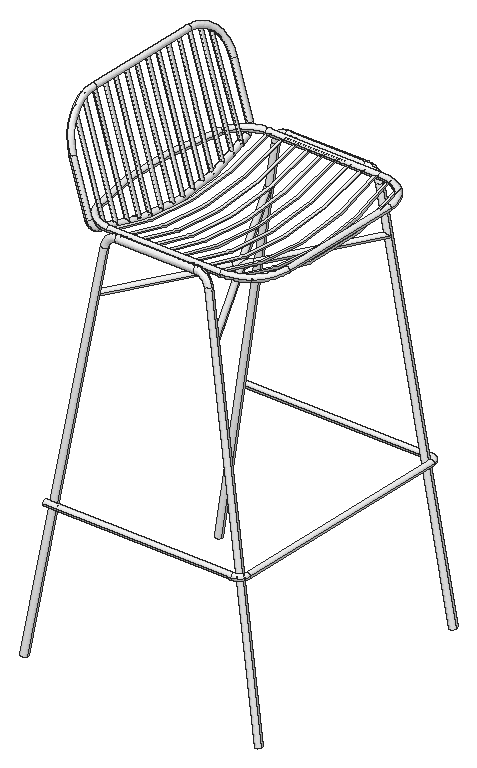
Revit family "Furniture_Chair_SHADE 4.1", category Furniture, Revit 2019
Family settings
  OmniClass Number = 23.21.23.15.17
  Work Plane-Based = Yes
  Always vertical = No
  Cut with Voids When Loaded = No
  Shared = No
  Room Calculation Point = No
Parameters (values of type "SHADE 4.1")
  Youtube clip = ""
  Uniformat II Description = "Movable Furnishings"
  Uniformat II Code = ""
  Uniclass 2015 Name = ""
  Uniclass 2015 Code = ""
  Uniclass 2.0 Description = ""
  Uniclass 2.0 Code = ""
  Uniclass 1.4 Description = ""
  Uniclass 1.4 Code = ""
  UNSPSC Code = ""
  Technical description = ""
  Frame Material = Steel, Paint Finish, White
  Region South America = "All"
  Region Oceania = "All"
  Region North America = "All"
  Region Middle East = "All"
  Region Europe = "All"
  Region Asia = "All"
  Region Antarctica = "All"
  Region Africa = "All"
  QR code = "https://www.sandlerseating.com/product/shade-4-1/"
  Product url = "https://www.sandlerseating.com/product/shade-4-1/"
  Product name = "SHADE 4.1"
  Product group = "Chair"
  Product family = "Furniture"
  Product data url = "https://www.sandlerseating.com/product/shade-4-1/"
  Product certification = ""
  Product SKU = "??"
  Product Guid = "??"
  OmniClass Description = ""
  OmniClass Code = "23-21 23 15 17"
  NBS Reference Description = ""
  NBS Reference Code = ""
  Model = "SHADE 4.1"
  Masterformat 2014 Description = "Chair Mats"
  Masterformat 2014 Code = "12 48 43.13"
  Manufacturer name = "Sandler"
  Manufacturer country = "USA"
  Manufacturer = "Sandler"
  Installation instructions = ""
  IFC Classification = "Furnishing Element"
  GTIN code = ""
  Edition number = 1
  Design country = "Brasil"
  Description = "Chair"
  Default Elevation = 0.000 mm
  Date of publishing = ""
  COBIe Type Category = ""
  Brand url = "https://www.sandlerseating.com/"
  BIMobject main category code = "furniture"
  BIMobject main category = "Furniture"
  BIMobject category code = "furniture-chair"
  BIMobject category = "Chair"
Reference planes
  plane 1 "Center Front/Back": y = 0
  plane 2: z = 0
  plane 3 "Center Left/Right": x = 0
Forms (mm)
  Sweep 1, solid, material "Steel, Paint Finish, White" <- "Frame Material"
    path origin (105.866, 0, 36.745) x (0, 1, 0) y (-0.292372, 0, 0.956305)
      loop
        arc (-196.096, 774.256) -> (-192.556, 762.894) -> (-183.189, 755.555) r 20
        arc (-183.189, 755.555) -> (-0.284, 721.984) -> (182.657, 755.359) r 516.55
        arc (182.657, 755.359) -> (192.039, 762.697) -> (195.585, 774.067) r 20
        line (195.585, 774.067) -> (195.585, 881.041)
        arc (195.585, 881.041) -> (172.153, 937.609) -> (115.585, 961.041) r 80
        line (115.585, 961.041) -> (-116.096, 961.041)
        arc (-116.096, 961.041) -> (-172.665, 937.609) -> (-196.096, 881.041) r 80
        line (-196.096, 881.041) -> (-196.096, 774.256)
    profile origin (-136.115, -196.096, 828.229) x (0, -1, 0) y (0.956305, 0, 0.292372)
      loop
        circle (0, 0) r 5.5
  Blend 2, solid, material "Steel, Paint Finish, White" <- "Frame Material"
    base sketch origin (0, 0, 840) x (0, -1, 0) y (1, 0, 0)
      loop
        circle (167.967, -170.976) r 3
    top sketch origin (0, 0, 840) x (0, -1, 0) y (1, 0, 0)
      loop
        circle (168.127, -111.839) r 3
    from 100.703 to -88.655
  Blend 3, solid, material "Steel, Paint Finish, White" <- "Frame Material"
    base sketch origin (-3.75, 25.625, 840) x (0, -1, 0) y (1, 0, 0)
      loop
        circle (167.967, -170.976) r 3
    top sketch origin (-3.75, 25.625, 840) x (0, -1, 0) y (1, 0, 0)
      loop
        circle (168.127, -105.589) r 3
    from 115.678 to -95.476
  Blend 4, solid, material "Steel, Paint Finish, White" <- "Frame Material"
    base sketch origin (-3.75, 51.679, 840) x (0, -1, 0) y (1, 0, 0)
      loop
        circle (167.967, -170.976) r 3
    top sketch origin (-3.75, 51.679, 840) x (0, -1, 0) y (1, 0, 0)
      loop
        circle (168.127, -103.714) r 3
    from 115.678 to -101.21
  Blend 5, solid, material "Steel, Paint Finish, White" <- "Frame Material"
    base sketch origin (-3.75, 77.929, 840) x (0, -1, 0) y (1, 0, 0)
      loop
        circle (167.967, -170.976) r 3
    top sketch origin (-3.75, 77.929, 840) x (0, -1, 0) y (1, 0, 0)
      loop
        circle (168.127, -102.464) r 3
    from 115.678 to -106.321
  Blend 6, solid, material "Steel, Paint Finish, White" <- "Frame Material"
    base sketch origin (-3.75, 103.637, 840) x (0, -1, 0) y (1, 0, 0)
      loop
        circle (167.967, -170.976) r 3
    top sketch origin (-3.75, 103.637, 840) x (0, -1, 0) y (1, 0, 0)
      loop
        circle (168.127, -101.839) r 3
    from 115.678 to -109.322
  Blend 7, solid, material "Steel, Paint Finish, White" <- "Frame Material"
    base sketch origin (-3.75, 129.262, 840) x (0, -1, 0) y (1, 0, 0)
      loop
        circle (167.967, -170.976) r 3
    top sketch origin (-3.75, 129.262, 840) x (0, -1, 0) y (1, 0, 0)
      loop
        circle (168.127, -100.589) r 3
    from 115.678 to -109.322
  Blend 8, solid, material "Steel, Paint Finish, White" <- "Frame Material"
    base sketch origin (-3.75, 155.651, 840) x (0, -1, 0) y (1, 0, 0)
      loop
        circle (167.967, -170.976) r 3
    top sketch origin (-3.75, 155.651, 840) x (0, -1, 0) y (1, 0, 0)
      loop
        circle (168.127, -99.964) r 3
    from 115.678 to -109.322
  Blend 9, solid, material "Steel, Paint Finish, White" <- "Frame Material"
    base sketch origin (-3.75, 180.689, 840) x (0, -1, 0) y (1, 0, 0)
      loop
        circle (167.967, -170.976) r 3
    top sketch origin (-3.75, 180.689, 840) x (0, -1, 0) y (1, 0, 0)
      loop
        circle (168.127, -99.964) r 3
    from 115.678 to -109.322
  Blend 10, solid, material "Steel, Paint Finish, White" <- "Frame Material"
    base sketch origin (-3.75, 206.558, 840) x (0, -1, 0) y (1, 0, 0)
      loop
        circle (167.967, -170.976) r 3
    top sketch origin (-3.75, 206.558, 840) x (0, -1, 0) y (1, 0, 0)
      loop
        circle (168.127, -100.589) r 3
    from 115.678 to -109.322
  Blend 11, solid, material "Steel, Paint Finish, White" <- "Frame Material"
    base sketch origin (-3.75, 231.939, 840) x (0, -1, 0) y (1, 0, 0)
      loop
        circle (167.967, -170.976) r 3
    top sketch origin (-3.75, 231.939, 840) x (0, -1, 0) y (1, 0, 0)
      loop
        circle (168.127, -101.839) r 3
    from 115.678 to -109.322
  Blend 12, solid, material "Steel, Paint Finish, White" <- "Frame Material"
    base sketch origin (-3.75, 258.497, 840) x (0, -1, 0) y (1, 0, 0)
      loop
        circle (167.967, -170.976) r 3
    top sketch origin (-3.75, 258.497, 840) x (0, -1, 0) y (1, 0, 0)
      loop
        circle (168.127, -105.589) r 3
    from 115.678 to -105.596
  Blend 13, solid, material "Steel, Paint Finish, White" <- "Frame Material"
    base sketch origin (-3.75, 284.439, 840) x (0, -1, 0) y (1, 0, 0)
      loop
        circle (167.967, -170.976) r 3
    top sketch origin (-3.75, 284.439, 840) x (0, -1, 0) y (1, 0, 0)
      loop
        circle (168.127, -104.339) r 3
    from 115.678 to -101.424
  Blend 14, solid, material "Steel, Paint Finish, White" <- "Frame Material"
    base sketch origin (-3.75, 310.064, 840) x (0, -1, 0) y (1, 0, 0)
      loop
        circle (167.967, -170.976) r 3
    top sketch origin (-3.75, 310.064, 840) x (0, -1, 0) y (1, 0, 0)
      loop
        circle (168.127, -105.589) r 3
    from 110.37 to -96.265
  Blend 15, solid, material "Steel, Paint Finish, White" <- "Frame Material"
    base sketch origin (-3.75, 336.173, 840) x (0, -1, 0) y (1, 0, 0)
      loop
        circle (167.967, -170.976) r 3
    top sketch origin (-3.75, 336.173, 840) x (0, -1, 0) y (1, 0, 0)
      loop
        circle (168.127, -108.089) r 3
    from 97.417 to -89.63
  Sweep 16, solid, material "Steel, Paint Finish, White" <- "Frame Material"
    path origin (0, 0, 772.5) x (0, -1, 0) y (1, 0, 0)
      loop
        line (193.756, -82.126) -> (193.756, 138.9)
        arc (193.756, 138.9) -> (173.254, 188.398) -> (123.756, 208.9) r 70
        line (123.756, 208.9) -> (-123.828, 208.9)
        arc (-123.828, 208.9) -> (-173.325, 188.398) -> (-193.828, 138.9) r 70
        line (-193.828, 138.9) -> (-193.828, -82.107)
        arc (-193.828, -82.107) -> (-181.435, -118.625) -> (-149.376, -140.058) r 60
        arc (-149.376, -140.058) -> (-0.041, -159.748) -> (149.296, -140.079) r 576.437
        arc (149.296, -140.079) -> (181.361, -118.648) -> (193.756, -82.126) r 60
    profile origin (28.387, -193.756, 772.5) x (0, 1, 0) y (0, 0, 1)
      loop
        circle (0, 0) r 5.5
  Sweep 17, solid, material "Steel, Paint Finish, White" <- "Frame Material"
    path origin (67.143, 0, 2.877) x (0, 1, 0) y (-0.087156, 0, 0.996195)
      loop
        arc (-194.104, 771.731) -> (0.078, 740.465) -> (194.261, 771.731) r 618.642
    profile origin (2.607, 0.078, 740.525) x (-0.087156, 0, 0.996195) y (0.996195, 0, 0.087156)
      loop
        circle (0, 0) r 2.5
  Sweep 18, solid, material "Steel, Paint Finish, White" <- "Frame Material"
    path origin (93.042, 0, 2.877) x (0, 1, 0) y (-0.087156, 0, 0.996195)
      loop
        arc (-194.104, 771.731) -> (0.078, 740.465) -> (194.261, 771.731) r 618.642
    profile origin (28.506, 0.078, 740.525) x (-0.087156, 0, 0.996195) y (0.996195, 0, 0.087156)
      loop
        circle (0, 0) r 2.5
  Sweep 19, solid, material "Steel, Paint Finish, White" <- "Frame Material"
    path origin (118.667, 0, 2.877) x (0, 1, 0) y (-0.087156, 0, 0.996195)
      loop
        arc (-194.104, 771.731) -> (0.078, 740.465) -> (194.261, 771.731) r 618.642
    profile origin (54.131, 0.078, 740.525) x (-0.087156, 0, 0.996195) y (0.996195, 0, 0.087156)
      loop
        circle (0, 0) r 2.5
  Sweep 20, solid, material "Steel, Paint Finish, White" <- "Frame Material"
    path origin (144.893, 0, 2.877) x (0, 1, 0) y (-0.087156, 0, 0.996195)
      loop
        arc (-194.104, 771.731) -> (0.078, 740.465) -> (194.261, 771.731) r 618.642
    profile origin (80.358, 0.078, 740.525) x (-0.087156, 0, 0.996195) y (0.996195, 0, 0.087156)
      loop
        circle (0, 0) r 2.5
  Sweep 21, solid, material "Steel, Paint Finish, White" <- "Frame Material"
    path origin (170.65, 0, 2.877) x (0, 1, 0) y (-0.087156, 0, 0.996195)
      loop
        arc (-194.104, 771.731) -> (0.078, 740.465) -> (194.261, 771.731) r 618.642
    profile origin (106.114, 0.078, 740.525) x (-0.087156, 0, 0.996195) y (0.996195, 0, 0.087156)
      loop
        circle (0, 0) r 2.5
  Sweep 22, solid, material "Steel, Paint Finish, White" <- "Frame Material"
    path origin (380.583, 0, 42.057) x (0, 1, 0) y (-0.325568, 0, 0.945519)
      loop
        arc (-194.104, 771.731) -> (0.078, 740.465) -> (194.261, 771.731) r 618.642
    profile origin (139.511, 0.078, 742.181) x (-0.325568, 0, 0.945519) y (0.945519, 0, 0.325568)
      loop
        circle (0, 0) r 2.5
  Sweep 23, solid, material "Steel, Paint Finish, White" <- "Frame Material"
    path origin (575.717, 0, 124.189) x (0, 1, 0) y (-0.544639, 0, 0.838671)
      loop
        arc (-194.104, 771.731) -> (0.078, 740.465) -> (194.261, 771.731) r 618.642
    profile origin (172.43, 0.078, 745.195) x (-0.544639, 0, 0.838671) y (0.838671, 0, 0.544639)
      loop
        circle (0, 0) r 2.5
  Sweep 24, solid, material "Steel, Paint Finish, White" <- "Frame Material"
    path origin (708.326, 0, 211.634) x (0, 1, 0) y (-0.682022, 0, 0.731332)
      loop
        arc (-181.532, 767.723) -> (-0.012, 740.465) -> (181.515, 767.67) r 618.642
    profile origin (203.313, -0.012, 753.16) x (-0.682022, 0.000146, 0.731332) y (0.731332, 0, 0.682022)
      loop
        circle (0, 0) r 2.5
  Sweep 25, solid, material "Steel, Paint Finish, White" <- "Frame Material"
    path origin (40.892, 0, 2.877) x (0, 1, 0) y (-0.087156, 0, 0.996195)
      loop
        arc (-194.104, 771.731) -> (0.078, 740.465) -> (194.261, 771.731) r 618.642
    profile origin (-23.644, 0.078, 740.525) x (-0.087156, 0, 0.996195) y (0.996195, 0, 0.087156)
      loop
        circle (0, 0) r 2.5
  Sweep 26, solid, material "Steel, Paint Finish, White" <- "Frame Material"
    path origin (15.268, 0, 2.877) x (0, 1, 0) y (-0.087156, 0, 0.996195)
      loop
        arc (-194.104, 771.731) -> (0.078, 740.465) -> (194.261, 771.731) r 618.642
    profile origin (-49.268, 0.078, 740.525) x (-0.087156, 0, 0.996195) y (0.996195, 0, 0.087156)
      loop
        circle (0, 0) r 2.5
  Sweep 27, solid, material "Steel, Paint Finish, White" <- "Frame Material"
    path origin (-12.438, 0, 2.877) x (0, 1, 0) y (-0.087156, 0, 0.996195)
      loop
        arc (-194.104, 771.731) -> (0.078, 740.465) -> (194.261, 771.731) r 618.642
    profile origin (-76.974, 0.078, 740.525) x (-0.087156, 0, 0.996195) y (0.996195, 0, 0.087156)
      loop
        circle (0, 0) r 2.5
  Sweep 28, solid, material "Steel, Paint Finish, White" <- "Frame Material"
    path origin (0, 237.187, 0.001) x (-1, 0, 0) y (0, -0.037949, 0.99928)
      loop
        line (213.193, 0) -> (78.786, 751.292)
        arc (78.786, 751.292) -> (70.223, 766.06) -> (54.177, 771.889) r 25
        line (54.177, 771.889) -> (-99.188, 771.889)
        arc (-99.188, 771.889) -> (-115.398, 765.922) -> (-123.87, 750.869) r 25
        line (-123.87, 750.869) -> (-244.958, 0)
    profile origin (-145.99, 222.932, 375.376) x (0.984371, 0.006683, -0.175978) y (0, 0.99928, 0.037949)
      loop
        circle (0, 0) r 6.5
  Extrusion 29, solid, material "Steel, Paint Finish, White" <- "Frame Material"
    sketch origin (0, 0, 0) x (0, 1, 0) y (0, 0, 1)
      loop
        circle (200.437, 771.757) r 2.442
    from 85.209 to 95.051
  Extrusion 30, solid, material "Steel, Paint Finish, White" <- "Frame Material"
    sketch origin (-130.439, 1.36, 0) x (0, 1, 0) y (0, 0, 1)
      loop
        circle (200.437, 771.757) r 2.442
    from 85.209 to 95.051
  Extrusion 31, solid, material "Steel, Paint Finish, White" <- "Frame Material"
    sketch origin (0, 0, 0) x (0, -1, 0) y (0, 0, -1)
      loop
        circle (200.437, -771.757) r 2.442
    from 85.209 to 95.051
  Extrusion 32, solid, material "Steel, Paint Finish, White" <- "Frame Material"
    sketch origin (-130.439, -1.36, 0) x (0, -1, 0) y (0, 0, -1)
      loop
        circle (200.437, -771.757) r 2.442
    from 85.209 to 95.051
  Sweep 33, solid, material "Steel, Paint Finish, White" <- "Frame Material"
    path origin (0, -237.187, 0.001) x (-1, 0, 0) y (0, -0.037949, -0.99928)
      loop
        line (213.193, 0) -> (78.786, -751.292)
        arc (78.786, -751.292) -> (70.223, -766.06) -> (54.177, -771.889) r 25
        line (54.177, -771.889) -> (-99.188, -771.889)
        arc (-99.188, -771.889) -> (-115.398, -765.922) -> (-123.87, -750.869) r 25
        line (-123.87, -750.869) -> (-244.958, 0)
    profile origin (-145.99, -222.932, 375.376) x (-0.984371, 0.006683, 0.175978) y (0, -0.99928, 0.037949)
      loop
        circle (0, 0) r 6.5
  Extrusion 34, solid, material "Steel, Paint Finish, White" <- "Frame Material"
    sketch origin (0, 0, 0) x (0, -1, 0) y (0, 0, -1)
      loop
        circle (200.437, -771.757) r 2.442
    from 85.209 to 95.051
  Extrusion 35, solid, material "Steel, Paint Finish, White" <- "Frame Material"
    sketch origin (-130.439, -1.36, 0) x (0, -1, 0) y (0, 0, -1)
      loop
        circle (200.437, -771.757) r 2.442
    from 85.209 to 95.051
  Sweep 36, solid, material "Steel, Paint Finish, White" <- "Frame Material"
    path origin (0, 0, 282.5) x (0, -1, 0) y (1, 0, 0)
      loop
        line (239.942, -170.268) -> (239.942, 197.55)
        arc (239.942, 197.55) -> (235.548, 208.157) -> (224.942, 212.55) r 15
        line (224.942, 212.55) -> (-224.942, 212.55)
        arc (-224.942, 212.55) -> (-235.548, 208.157) -> (-239.942, 197.55) r 15
        line (-239.942, 197.55) -> (-239.942, -170.268)
    profile origin (13.641, -239.942, 282.5) x (0, 1, 0) y (0, 0, 1)
      loop
        circle (0, 0) r 5.5
  Sweep 37, solid, material "Steel, Paint Finish, White" <- "Frame Material"
    path origin (0, 0, 662.5) x (0, -1, 0) y (1, 0, 0)
      loop
        line (213.281, 139.802) -> (14.458, 30.448)
        arc (14.458, 30.448) -> (0, 26.735) -> (-14.458, 30.448) r 30
        line (-14.458, 30.448) -> (-213.281, 139.802)
    profile origin (85.125, -113.869, 662.5) x (-0.876215, -0.481921, 0) y (0, 0, 1)
      loop
        circle (0, 0) r 5.5
  Sweep 38, solid, material "Steel, Paint Finish, White" <- "Frame Material"
    path origin (42.858, 0, 662.5) x (0, -1, 0) y (1, 0, 0)
      loop
        line (213.281, -139.802) -> (14.458, -30.448)
        arc (14.458, -30.448) -> (0, -26.735) -> (-14.458, -30.448) r 30
        line (-14.458, -30.448) -> (-213.281, -139.802)
    profile origin (-42.267, -113.869, 662.5) x (-0.876215, 0.481921, 0) y (0, 0, 1)
      loop
        circle (0, 0) r 5.5
Dimensions and locks
  aligned and locked: level to plane 2
